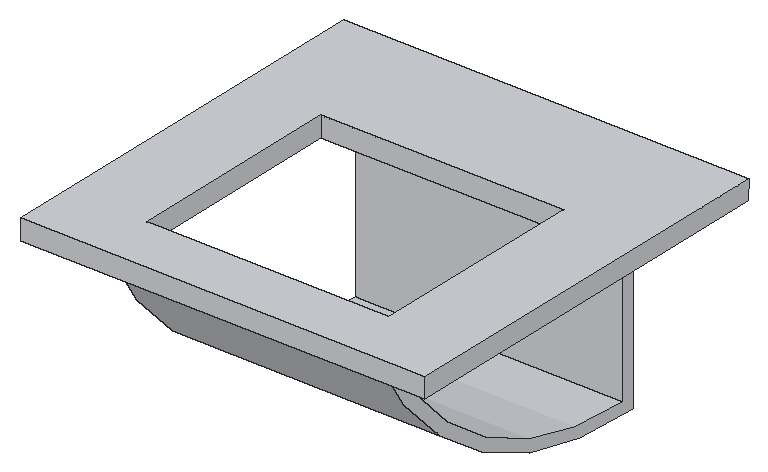
Revit family "Cazalla", category Lighting Fixtures, host Face, Revit 2015
Parameters (values of type "Cazalla/1W/350mA/927/White")
  Weight = 50  # constant formula
  built-in parameter 1150103 = 1 W
  Wattage = 1 W  # constant formula
  WarrantyStartDate [instance] = "www.johncullenlighting.co.uk/terms_and_conditions/"  # constant formula
  WarrantyGuarantorParts = "www.johncullenlighting.co.uk/terms_and_conditions/"  # constant formula
  WarrantyGuarantorLabor = "www.johncullenlighting.co.uk/terms_and_conditions/"  # constant formula
  WarrantyDurationUnit = "www.johncullenlighting.co.uk/terms_and_conditions/"  # constant formula
  WarrantyDurationParts = "www.johncullenlighting.co.uk/terms_and_conditions/"  # constant formula
  WarrantyDurationLabor = "www.johncullenlighting.co.uk/terms_and_conditions/"  # constant formula
  WarrantyDescription = "Refer to John Cullen Lighting Ltd - Terms and Conditions document"  # constant formula
  built-in parameter 1150110 = 1 (stored number, unit not read)
  Version = "1"
  Uniclass2 = "Pr_70_70_48_71 Recessed luminaires"  # constant formula
  URL = "http://www.johncullenlighting.co.uk/products/featured-lighting-products/cazalla-miniature-steplight/?product_search=cazalla"
  Type Comments = "Copyright © John Cullen 2017. John Cullen reserve the right to change the design and specification of our product range without prior notice. E&OE"  # constant formula
  built-in parameter 1114217 = 1 (stored number, unit not read)
  Tilt Angle = 0.00°
  built-in parameter 1150109 = 1 (stored number, unit not read)
  built-in parameter 1150134 = (empty or 0)
  TagNumber [instance] = "n/a"
  SustainabilityPerformance = "n/a"
  built-in parameter 1150113 = 1 (stored number, unit not read)
  SupplyCircuitConductorConnections = "n/a"
  Size = "50x50"  # constant formula
  Shape = "Square"
  SerialNumber [instance] = "n/a"
  Revision = "n/a"
  ReplacementCost = "n/a"
  ProductInformation = "http://www.johncullenlighting.co.uk/products/featured-lighting-products/cazalla-miniature-steplight/?product_search=cazalla"
  PhotometricPerformance = "n/a"
  Photometric Web File = "Cazalla-350.IES"
  NominalWidth = 50 mm  # constant formula
  NominalLength = 50 mm  # constant formula
  NominalHeight = 25 mm  # constant formula
  Name = "Cazalla"  # constant formula
  NBSTypeID = "n/a"
  NBSReference = "n/a"
  NBSOfficeMasterTag = "n/a"
  NBSNote = "n/a"
  NBSDescription = "General purpose luminaires are described by characteristics such as standards, photometric performance and supply circuit conductor connections.\r\nAn example use may be within a hard wired general lighting system."  # constant formula
  NBSCertification = "n/a"
  ModelReference = "n/a"
  ModelNumber = "LOCZ27011"
  Model = "Cazalla"  # constant formula
  MaxAmbientTemperature = 50.00°  # constant formula
  Material = "Aluminium"
  ManufacturerURL = "www.johncullenlighting.co.uk"
  ManufacturerName = "John Cullen Lighting Ltd"  # constant formula
  Manufacturer = "John Cullen Lighting Ltd"  # constant formula
  built-in parameter 1150105 = 3.3025 (stored number, unit not read)
  Lumens = 41.5 lm
  LuminaireType = "n/a"
  LuminairePowerFactor = "n/a"
  LuminaireLumens = "41.5 lm"  # constant formula
  built-in parameter 1150115 = 1 (stored number, unit not read)
  built-in parameter 1150137 = (empty or 0)
  built-in parameter 1150139 = (empty or 0)
  LampType = "LED"  # constant formula
  LampRating = "n/a"
  LampLumens = "92 lm"  # constant formula
  LampColourTemperature = "2700K"  # constant formula
  LampColourRendering = "≥90 Ra"  # constant formula
  built-in parameter 1150112 = 1 (stored number, unit not read)
  built-in parameter 1150114 = 1 (stored number, unit not read)
  Keynote = "Technical data figures are for guidance only and are subject to ±5% tolerance"  # constant formula
  InternalFuse = "n/a"
  InsulationStandardClass = "Class III"  # constant formula
  InstallationDate [instance] = "Confirm via installer"  # constant formula
  built-in parameter 1150132 = (empty or 0)
  built-in parameter 1150102 = (empty or 0)
  built-in parameter 1150107 = 2700 (stored number, unit not read)
  built-in parameter 1150138 = (empty or 0)
  IngressProtection = "IP10"  # constant formula
  built-in parameter 1150106 = 0.033025 (stored number, unit not read)
  IfcExportType = ""
  IfcExportAs = ""
  Grade = "n/a"
  ForwardVoltage = "2.8V DC"  # constant formula
  Finish = "White"
  Features = "n/a"
  ExpectedLife = "Lifetime L70/B10 >50,000 hrs"  # constant formula
  built-in parameter 1150104 = 3.8555 (stored number, unit not read)
  Efficacy = "41.5 lm/W"  # constant formula
  DurationUnit = "year"
  Dimming Lamp Color Temperature Shift = <None>
  Description = "Miniature floor and step light"  # constant formula
  Default Elevation = 200 mm
  CurrentRating = "350mA"  # constant formula
  ControlGearPosition = "n/a"
  Constituents = "n/a"
  Color Filter = 16777215
  Color = "White"
  CodePerformance = "LOCZ27011"
  Category = "n/a"
  CableType = "2 Core PVC"  # constant formula
  CableSize = "2 off 7/0.2 Tinned Copper Strands"  # constant formula
  CableLength = 200 mm  # constant formula
  Beam Width = "Wide"  # constant formula
  BarCode [instance] = "n/a"
  BallastCELMAEnergyEfficiencyIndex = "See driver specification"  # constant formula
  built-in parameter 1114218 = 1 (stored number, unit not read)
  BIMObjectName = "Cazalla"  # constant formula
  Author = "John Cullen Lighting Ltd"  # constant formula
  built-in parameter 1150133 = 10 (stored number, unit not read)
  AssetType = "n/a"
  AssetIdentifier [instance] = "n/a"
  Assembly Code = "n/a"
  AccessibilityPerformance = "n/a"
Types (5, lengths in mm): name | ModelNumber | Finish | Color | CodePerformance
  Cazalla/1W/350mA/927/White | "LOCZ27011" | "White" | "White" | "LOCZ27011"
  Cazalla/1W/350mA/927/Bronze | "LOCZ27061" | "Bronze" | "Bronze" | "LOCZ27061"
  Cazalla/1W/350mA/927/Bright Chrome | "LOCZ27071" | "Bright Chrome" | "Bright Chrome" | "LOCZ27071"
  Cazalla/1W/350mA/927/Stainless Steel | "LOCZ27171" | "Stainless Steel" | "Stainless Steel" | "LOCZ27171"
  Cazalla/1W/350mA/927/Primed | "LOCZ27281" | "Primed" | "Primed" | "LOCZ27281"
Reference planes
  plane 1 "Center (Front/Back)": y = 0
  plane 2: z = 0
  plane 3 "Center (Left/Right)": x = 0
Forms (mm)
  Extrusion 1, solid
    sketch origin (-25, 25, 0) x (0, -1, 0) y (0, 0, -1)
      loop
        line (50, 0) -> (0, 0) -> (0, -2.5) -> (50, -2.5) -> (50, 0)
    from 0 to 50
  Extrusion 2, void
    sketch origin (-75, 25, 2.5) x (0, -1, 0) y (1, 0, 0)
      loop
        line (43, 90) -> (16, 90) -> (16, 60) -> (43, 60) -> (43, 90)
    from -5 to 0
  Extrusion 3, solid
    sketch origin (0, 16.08, 0) x (0, -1, 0) y (0, 0, -1)
      loop
        line (-1.62, -0.015) -> (-0.12, -0.015) -> (-0.12, 21.317)
        arc (-0.12, 21.317) -> (21.121, 15.896) -> (36.2, -0.015) r 39.5
        line (36.2, -0.015) -> (37.88, -0.015)
        arc (37.88, -0.015) -> (21.585, 17.361) -> (-1.62, 22.745) r 41
        line (-1.62, 22.745) -> (-1.62, -0.015)
    from -16.5 to 16.5
  Extrusion 4, void
    sketch origin (0, 0, 0) x (1, 0, 0) y (0, 1, 0)
      loop
        line (-20.124, 17.92) -> (-20.124, -22.08) -> (19.876, -22.08) -> (19.876, 17.92) -> (-20.124, 17.92)
    from 0 to -50
Cuts and joins
  Extrusion 2 cuts Extrusion 1
  Extrusion 2 cuts Extrusion 3
Dimensions and locks
  aligned and locked: plane 2 to host face
  aligned and locked: level to host face
